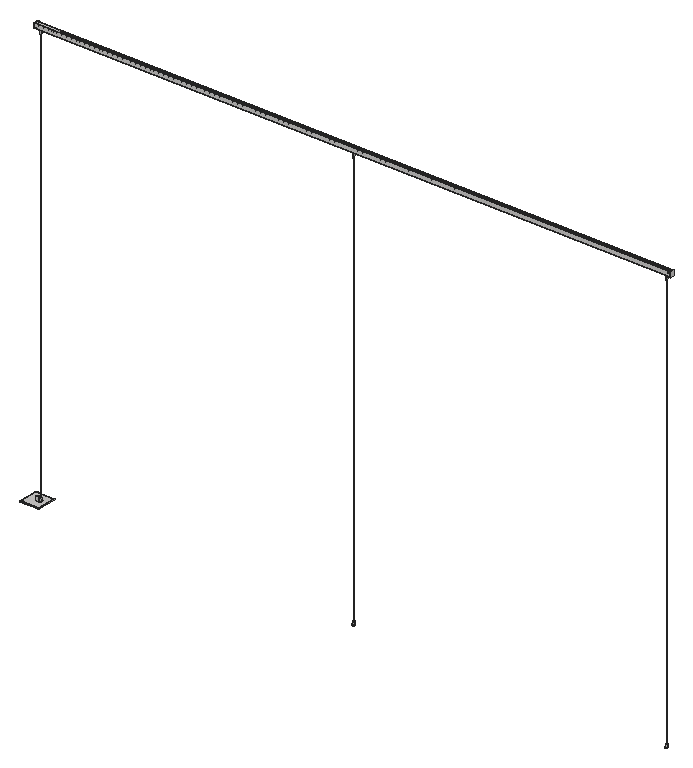
Revit family "cLighting - Luminii - Stenos - Suspended Track Master Assembly", category Lighting Fixtures, host Face, Revit 2020
Family settings
  Host = Face
  Round Connector Dimension = Use Diameter
  Part Type = Normal
  OmniClass Number = 23.80.70.11.14.21
  OmniClass Title = Spots and Tracklight Specialties
  Cut with Voids When Loaded = No
  Light Source = No
  Shared = Yes
  Room Calculation Point = No
Parameters (values of type "Stenos Suspended - 12'")
  Width = 0.94922"  # constant formula
  Wattage Comments = "96W max on track"  # constant formula
  Warranty URL = "https://www.luminii.com/terms-conditions/"
  Voltage Comments = "120-277VAC"  # constant formula
  Voltage = 120 V  # constant formula
  Version = "2020 - v1.0a"  # constant formula
  URL = "https://www.luminii.com/"
  Suspension Length [instance] = if(Desired Suspension Length < 5.00", 5.00", if(Desired Suspension Length > 96.00", 96.00", Desired Suspension Length))  # 96.00"
  Right Hanging Wire [instance] = yes
  Left Hanging Wire [instance] = yes
  Constraints = 3
  C Suspension Length [instance] = Suspension Length - 1.34375" - 0.48828"  # 94.16797"
  Support Phone = "224-699-9545"  # constant formula
  Support Email = "mailto:support@bimsmith.com"
  Right Power Module [instance] = no
  Right Cap [instance] = yes
  Product Page URL = "https://www.luminii.com/product/stenos-suspended-track/"
  Power Source Type = "Driver"  # constant formula
  Power Factor = 1
  Phase = 1
  Number of Poles = if(and(or(Voltage = 120 V, Voltage = 277 V), Phase = 1), 1, if(and(or(Voltage = 208 V, Voltage = 240 V), Phase = 1), 2, if(and(or(Voltage = 208 V, Voltage = 240 V), Phase = 3), 3, if(and(Voltage > 300 V, Phase = 1), 2, if(and(Voltage > 400 V, Phase = 3), 3, 1)))))  # 1
  Model = "STH"  # constant formula
  Manufacturer Phone Number = "403-216-7043"  # constant formula
  Manufacturer Email = "mailto: info@sensolighting.com"
  Manufacturer Address = "302 50 Ave SE. Calgary, Alberta, T2G 2A9 Canada"  # constant formula
  Manufacturer = "Luminii"  # constant formula
  Load Classification = Lighting
  Length = if(Constraints = 1, 48.00", if(Constraints = 2, 96.00", if(Constraints = 3, 144.00", 144.00")))  # 144.00"
  Left Power Module [instance] = yes
  Left Cap [instance] = yes
  Lamp = "N/A"  # constant formula
  Keynote = "26 50 00"
  C Right Hanging Wire PM [instance] = and(Right Hanging Wire, Right Power Module)  # no
  C Left Hanging Wire PM [instance] = and(Left Hanging Wire, Left Power Module)  # yes
  C Hanging Wire Side Offset = 1.125"  # constant formula
  Frequency Comments = ""  # constant formula
  Frequency = 60 Hz
  Finish = Metal - Luminii - Silver Anodized Aluminum
  Environment = "Indoor"  # constant formula
  Desired Suspension Length [instance] = 96.00"
  Description = "Suspended Trim Track System"  # constant formula
  Depth = 1.00"  # constant formula
  Default Elevation = 0.00"  # constant formula
  Current Amps = 50 A
  Copyright = "©2023 Luminii"  # constant formula
  built-in parameter 1114216 [instance] = 0  # (empty or 0)
  built-in parameter 1140040 [instance] = 1 = 1  # 1
  C Right Power Module Offset [instance] = 0.00"  # constant formula
  C Right Hanging Wire [instance] = and(Right Hanging Wire, not(Right Power Module))  # yes
  C Left Power Module Offset [instance] = 0.00"  # constant formula
  C Left Hanging Wire [instance] = and(Left Hanging Wire, not(Left Power Module))  # no
  C Hangin Wire Count [instance] = if(Constraints > 1, 3, 2)  # 3
  C Electrical Connection Offset [instance] = if(Left Power Module, 7.00" + 0.375", if(Right Power Module, 7.00" + Length - 0.375", (Length / 2) + 7.00"))  # 7.375"
  C Center Hanging Wire [instance] = Constraints > 1  # yes
  Assembly Comments [instance] = "Consult Manufacturer Website for more Information"  # constant formula
  Assembly Code = "D5020230"
  Apparent Load = 4 VA
Types (3): name | Constraints | Length | Current Amps | C Hangin Wire Count | C Center Hanging Wire
  Stenos Suspended - 4' | 1 | 48.00" | 4 A | 2 | no
  Stenos Suspended - 8' | 2 | 96.00" | 50 A | 3 | yes
  Stenos Suspended - 12' | 3 | 144.00" | 50 A | 3 | yes
Reference planes (in)
  plane 1 "Center (Front/Back)": y = 0
  plane 2: z = 0
  plane 3 "Center (Left/Right)": x = 0
  plane 4: x = -72
  plane 5: x = 72
  plane 6: y = 0.47461
  plane 7: y = -0.47461
  plane 8: z = 96
  plane 9: x = -70.875
  plane 10: x = 70.875
Forms (in)
  Extrusion 1, solid, material "Metal - Luminii - Silver Anodized Aluminum", not visible
    sketch origin (0, 0, 0) x (1, 0, 0) y (0, 1, 0)
      loop
        circle (0, 0) r 0.5
    from 0 to -0.17225
Dimensions and locks (in)
  equal spacing: plane 4, plane 3 "Center (Left/Right)", plane 5
  equal spacing: plane 6, plane 1 "Center (Front/Back)", plane 7
  "Length": plane 4 to plane 5
  locked: plane 6 to plane 7 at 0.94922
  "Suspension Length": plane 8 to plane 2
  plane 4 to nested 4 = 1.125"
  "C Hanging Wire Side Offset": plane 9 to plane 4
  "C Hanging Wire Side Offset": plane 5 to plane 10
  "C Left Power Module Offset": plane 4 to nested 2
  "C Right Power Module Offset": nested 3 to plane 5
  aligned and locked: plane 2 to host face
  aligned and locked: plane 3 "Center (Left/Right)" to Extrusion 1 sketch curve
  aligned and locked: plane 1 "Center (Front/Back)" to Extrusion 1 sketch curve
  aligned and locked: plane 2 to Extrusion 1  (x2)
  aligned and locked: nested 1 to plane 4
  aligned and locked: nested 1 to plane 1 "Center (Front/Back)"
  aligned and locked: nested 2 to plane 1 "Center (Front/Back)"
  aligned and locked: plane 1 "Center (Front/Back)" to nested 3
  aligned and locked: nested 4 to plane 1 "Center (Front/Back)"
  aligned and locked: plane 1 "Center (Front/Back)" to nested 5
  aligned and locked: plane 9 to nested 4
  aligned and locked: plane 1 "Center (Front/Back)" to nested 6
  aligned and locked: plane 10 to nested 5
  aligned and locked: plane 1 "Center (Front/Back)" to nested 7
  aligned and locked: plane 9 to nested 7
  aligned and locked: plane 3 "Center (Left/Right)" to nested 6
  aligned and locked: plane 10 to nested 8
Automatic sketch dimensions
  host sketch curve to host sketch curve = 96.00"  (x2)
  radius of Extrusion 1 sketch curve = 0.50"
Nested families (in)
  nested 1: "Nested - Track" at (0, 0, 96), type "Nested - Track"
    with Length 144.00"
  nested 2: "Nested - Stopper" at (-69.35827, 0, 96), visible <- "Left Power Module", type "Nested - Stopper"
  nested 3: "Nested - Stopper" at (69.35827, 0, 96), visible <- "Right Power Module", type "Nested - Stopper"
  nested 4: "Nested - Hanging Wire A" at (-70.875, 0, 0), visible <- "C Left Hanging Wire", type "Default"
    with Suspension Length 94.16797"
  nested 5: "Nested - Hanging Wire B" at (70.875, 0, 0), visible <- "C Right Hanging Wire PM", type "Default"
    with Suspension Length 94.16797"
  nested 6: "Nested - Hanging Wire A" at (0, 0, 0), visible <- "C Center Hanging Wire", type "Default"
    with Suspension Length 94.16797"
  nested 7: "Nested - Hanging Wire B" at (-70.875, 0, 0) x (-1, 0, 0) z (0, 0, 1), visible <- "C Left Hanging Wire PM", type "Default"
    with Suspension Length 94.16797"
  nested 8: "Nested - Hanging Wire A" at (70.875, 0, 0), visible <- "C Right Hanging Wire", type "Default"
    with Suspension Length 94.16797"
Connectors (in)
  electrical at (0, 0, 0), driven by "Number of Poles", driven by "Load Classification", driven by "Voltage", driven by "Apparent Load", driven by "Power Factor"
    settings: on Extrusion 1, index 1, voltage 120 V, apparent load 4 VA, apparent load phase1 0 VA, apparent load phase2 0 VA, apparent load phase3 0 VA, power factor 1, load classification "Lighting", number of poles 1, system type 30, power factor state 1, is connector primary yes, connector utility no, sub classification motor no, connector description "Power Connection"
Definition of nested family "Nested - Track"
  Parameters
    Right Cap = yes
    Length = 28.00"
    Left Cap = yes
    Finish = none
    Default Elevation = 48.00"
  Reference planes (in)
    plane 1 "Center (Front/Back)": y = 0
    plane 2: z = 0
    plane 3 "Center (Left/Right)": x = 0
    plane 4: x = -14
    plane 5: x = 14
    plane 6: x = 14.125
    plane 7: x = -14.125
  Forms (in)
    Extrusion 1, solid
      sketch origin (0, 0, 0) x (1, 0, 0) y (0, 1, 0)
        loop
          line (-48, 48) -> (-48, -48) -> (48, -48) -> (48, 48) -> (-48, 48)
      from 0 to -12
    Sweep 2, solid, material <- "Finish"
      path origin (0, 0, 0) x (1, 0, 0) y (0, 1, 0)
        loop
          line (-14, 0) -> (14, 0)
      profile origin (0, 0, 0) x (0, 1, 0) y (0, 0, 1)
        loop
          line (-0.39203, 1.077) -> (-0.4725, 1.077) -> (-0.4725, 0.03)
          arc (-0.4725, 0.03) -> (-0.46371, 0.00879) -> (-0.4425, 0) r 0.03
          line (-0.4425, 0) -> (-0.31126, 0) -> (-0.2925, 0.07) -> (-0.3925, 0.07) -> (-0.3925, 0.205) -> (0, 0.205) -> (0.3925, 0.205) -> (0.3925, 0.07) -> (0.2925, 0.07) -> (0.31126, 0) -> (0.4425, 0)
          arc (0.4425, 0) -> (0.46371, 0.00879) -> (0.4725, 0.03) r 0.03
          line (0.4725, 0.03) -> (0.4725, 1.077) -> (0.39203, 1.077) -> (0.34295, 0.992) -> (0.4195, 0.992) -> (0.4195, 0.892) -> (0.3545, 0.892)
          arc (0.3545, 0.892) -> (0.36437, 0.83561) -> (0.36402, 0.77837) r 0.31937
          arc (0.36402, 0.77837) -> (0.34633, 0.73661) -> (0.35495, 0.69208) r 0.07777
          arc (0.35495, 0.69208) -> (0.36308, 0.6413) -> (0.3385, 0.59613) r 0.07971
          line (0.3385, 0.59613) -> (0.3385, 0.524) -> (0.3935, 0.524) -> (0.3935, 0.414) -> (0, 0.414) -> (-0.3935, 0.414) -> (-0.3935, 0.524) -> (-0.3385, 0.524) -> (-0.3385, 0.59613)
          arc (-0.3385, 0.59613) -> (-0.36308, 0.6413) -> (-0.35495, 0.69208) r 0.07971
          arc (-0.35495, 0.69208) -> (-0.34633, 0.73661) -> (-0.36402, 0.77837) r 0.07777
          arc (-0.36402, 0.77837) -> (-0.36437, 0.83561) -> (-0.3545, 0.892) r 0.31937
          line (-0.3545, 0.892) -> (-0.4195, 0.892) -> (-0.4195, 0.992) -> (-0.34295, 0.992) -> (-0.39203, 1.077)
    Sweep 3, solid, material <- "Finish", visible <- "Left Cap"
      path origin (-28, 0, 0) x (-1, 0, 0) y (0, 1, 0)
        loop
          line (-14, 0) -> (-13.875, 0)
      profile origin (-14.0625, 0, 0) x (0, -1, 0) y (0, 0, 1)
        loop
          line (0.4725, 1.077) -> (-0.4725, 1.077) -> (-0.4725, 0.03)
          arc (-0.4725, 0.03) -> (-0.46371, 0.00879) -> (-0.4425, 0) r 0.03
          line (-0.4425, 0) -> (0.4425, 0)
          arc (0.4425, 0) -> (0.46371, 0.00879) -> (0.4725, 0.03) r 0.03
          line (0.4725, 0.03) -> (0.4725, 1.077)
    Sweep 4, solid, material <- "Finish", visible <- "Right Cap"
      path origin (28, 0, 0) x (1, 0, 0) y (0, 1, 0)
        loop
          line (-14, 0) -> (-13.875, 0)
      profile origin (14.0625, 0, 0) x (0, 1, 0) y (0, 0, 1)
        loop
          line (-0.4725, 1.077) -> (-0.4725, 0.03)
          arc (-0.4725, 0.03) -> (-0.46371, 0.00879) -> (-0.4425, 0) r 0.03
          line (-0.4425, 0) -> (0.4425, 0)
          arc (0.4425, 0) -> (0.46371, 0.00879) -> (0.4725, 0.03) r 0.03
          line (0.4725, 0.03) -> (0.4725, 1.077) -> (-0.4725, 1.077)
  Dimensions and locks (in)
    equal spacing: plane 4, plane 3 "Center (Left/Right)", plane 5
    "Length": plane 4 to plane 5
    locked: plane 7 to plane 4 at 0.125
    locked: plane 5 to plane 6 at 0.125
    aligned and locked: plane 2 to Extrusion 1
    aligned and locked: level to Extrusion 1
    aligned and locked: plane 4 to Sweep 2 sketch curve
    aligned and locked: plane 1 "Center (Front/Back)" to Sweep 2 sketch curve
    aligned and locked: plane 5 to Sweep 2 sketch curve
    aligned and locked: plane 4 to Sweep 3 sketch curve
    aligned and locked: Sweep 3 sketch curve to plane 1 "Center (Front/Back)"
    aligned and locked: plane 7 to Sweep 3 sketch curve
    aligned and locked: plane 1 "Center (Front/Back)" to Sweep 4 sketch curve
    aligned and locked: plane 6 to Sweep 4 sketch curve
    aligned and locked: plane 5 to Sweep 4 sketch curve
  Automatic sketch dimensions
    Extrusion 1 sketch curve to Extrusion 1 sketch curve = 96.00"  (x2)
    Sweep 2 sketch curve to level = 0.00"  (x2)
    Sweep 2 sketch curve to profile plane = 0.00"  (x2)
    profile plane to Sweep 2 sketch curve = 0.04612"
    Sweep 2 sketch curve to Sweep 2 sketch curve = 0.2384"  (x2)
    level to Sweep 2 sketch curve = 0.07"  (x2)
    profile plane to Sweep 2 sketch curve = 0.2925"
    Sweep 2 sketch curve to Sweep 2 sketch curve = 0.01876"  (x2)
    Sweep 2 sketch curve to Sweep 2 sketch curve = 0.05398"  (x2)
    Sweep 2 sketch curve to Sweep 2 sketch curve = 0.05844"  (x2)
    Sweep 2 sketch curve to Sweep 2 sketch curve = 0.01155"  (x2)
    Sweep 2 sketch curve to Sweep 2 sketch curve = 0.04907"  (x2)
    Sweep 2 sketch curve to Sweep 2 sketch curve = 0.10"  (x4)
    Sweep 2 sketch curve to Sweep 2 sketch curve = 0.055"  (x2)
    Sweep 2 sketch curve to Sweep 2 sketch curve = 0.065"
    Sweep 2 sketch curve to Sweep 2 sketch curve = 0.08517"  (x2)
    Sweep 2 sketch curve to Sweep 2 sketch curve = 0.05"  (x2)
    Sweep 2 sketch curve to Sweep 2 sketch curve = 0.08047"
    Sweep 2 sketch curve to profile plane = 0.04612"
    Sweep 2 sketch curve to profile plane = 0.2925"
    Sweep 2 sketch curve to Sweep 2 sketch curve = 0.07655"
    level to Sweep 2 sketch curve = 0.03"
    level to Sweep 2 sketch curve = 0.205"
    Sweep 2 sketch curve to Sweep 2 sketch curve = 0.209"
    Sweep 2 sketch curve to Sweep 2 sketch curve = 0.11"  (x2)
    Sweep 2 sketch curve to Sweep 2 sketch curve = 0.07213"  (x2)
    Sweep 2 sketch curve to Sweep 2 sketch curve = 0.05864"  (x2)
    Sweep 2 sketch curve to Sweep 2 sketch curve = 0.13235"  (x2)
    Sweep 2 sketch curve to Sweep 2 sketch curve = 0.15418"
    Sweep 2 sketch curve to Sweep 2 sketch curve = 0.00"  (x3)
    Sweep 2 sketch curve to Sweep 2 sketch curve = 0.16352"  (x2)
    Sweep 2 sketch curve to Sweep 2 sketch curve = 0.085"  (x2)
    Sweep 3 sketch curve to level = 0.00"
    profile plane to Sweep 3 sketch curve = 0.4725"
    Sweep 3 sketch curve to Sweep 3 sketch curve = 0.03"  (x2)
    Sweep 3 sketch curve to profile plane = 0.4425"
    Sweep 3 sketch curve to Sweep 3 sketch curve = 1.047"
    Sweep 4 sketch curve to level = 0.00"
    profile plane to Sweep 4 sketch curve = 0.4725"
    Sweep 4 sketch curve to Sweep 4 sketch curve = 0.03"
    level to Sweep 4 sketch curve = 0.03"
    Sweep 4 sketch curve to profile plane = 0.4425"
    Sweep 4 sketch curve to Sweep 4 sketch curve = 1.047"
Definition of nested family "Nested - Stopper"
  Parameters (values of type "Nested - Stopper")
    Length = 5.28346"
    Finish = none
    Default Elevation = 48.00"
  Reference planes (in)
    plane 1 "Center (Front/Back)": y = 0
    plane 2: z = 0
    plane 3 "Center (Left/Right)": x = 0
    plane 4: x = -2.64173
    plane 5: x = 2.64173
  Forms (in)
    Extrusion 1, solid
      sketch origin (0, 0, 0) x (1, 0, 0) y (0, 1, 0)
        loop
          line (-48, 48) -> (-48, -48) -> (48, -48) -> (48, 48) -> (-48, 48)
      from 0 to -12
    Sweep 2, solid, material <- "Finish"
      path origin (0, 0, 0) x (1, 0, 0) y (0, 1, 0)
        loop
          line (-2.64173, 0) -> (2.64173, 0)
      profile origin (0, 0, 0) x (0, 1, 0) y (0, 0, 1)
        loop
          line (0.35827, 1.07345) -> (-0.35827, 1.07345) -> (-0.35827, 1.03408) -> (-0.33522, 1.01103) -> (-0.3248, 0.414) -> (0.3248, 0.414) -> (0.33522, 1.01103) -> (0.35827, 1.03408) -> (0.35827, 1.07345)
  Dimensions and locks (in)
    equal spacing: plane 4, plane 3 "Center (Left/Right)", plane 5
    "Length": plane 4 to plane 5
    aligned and locked: plane 2 to Extrusion 1
    aligned and locked: level to Extrusion 1
    aligned and locked: plane 5 to Sweep 2 sketch curve
    aligned and locked: plane 4 to Sweep 2 sketch curve
    aligned and locked: plane 1 "Center (Front/Back)" to Sweep 2 sketch curve
  Automatic sketch dimensions
    Extrusion 1 sketch curve to Extrusion 1 sketch curve = 96.00"  (x2)
    profile plane to Sweep 2 sketch curve = 0.35827"
    profile plane to Sweep 2 sketch curve = 0.3248"
    Sweep 2 sketch curve to profile plane = 0.3248"
    Sweep 2 sketch curve to profile plane = 0.33522"
    Sweep 2 sketch curve to Sweep 2 sketch curve = 0.02305"  (x4)
    level to Sweep 2 sketch curve = 0.414"
    Sweep 2 sketch curve to Sweep 2 sketch curve = 0.59703"
    Sweep 2 sketch curve to Sweep 2 sketch curve = 0.62008"
    Sweep 2 sketch curve to Sweep 2 sketch curve = 0.03937"
Definition of nested family "Nested - Hanging Wire A"
  Parameters (values of type "Default")
    Suspension Length = 96.00"
    Finish = none
    Default Elevation = 48.00"
  Reference planes (in)
    plane 1 "Center (Front/Back)": y = 0
    plane 2: z = 0
    plane 3 "Center (Left/Right)": x = 0
    plane 4: x = 0.02471
  Forms (in)
    Extrusion 1, solid
      sketch origin (0, 0, 0) x (1, 0, 0) y (0, 1, 0)
        loop
          line (-48, 48) -> (-48, -48) -> (48, -48) -> (48, 48) -> (-48, 48)
      from 0 to -12
    Revolve 2, solid, material <- "Finish"
      sketch origin (0, 0, 0) x (1, 0, 0) y (0, 0, 1)
        loop
          line (0, 0) -> (0, 0.6855) -> (-0.19748, 0.6855) -> (-0.19748, 0.058) -> (-0.31506, 0.058) -> (-0.31506, 0) -> (0, 0)
        axis (0, 0.6855) -> (0, 0)
      angle from 0 to 360
    Revolve 3, solid, material <- "Finish"
      sketch origin (0, 0, 0) x (1, 0, 0) y (0, 0, 1)
        loop
          line (-0.1755, 96.92187) -> (-0.0755, 96.92187) -> (-0.0755, 96.6855) -> (0, 96.6855) -> (0, 97.87187) -> (-0.1755, 97.87187) -> (-0.1755, 96.92187)
        axis (0, 97.87187) -> (0, 96.6855)
      angle from 0 to 360
    Extrusion 4, solid, material <- "Finish"
      sketch origin (0, 0, 0) x (0, 1, 0) y (0, 0, 1)
        loop
          line (0.275, 97.87077) -> (0.275, 97.90187) -> (0.3825, 97.90187) -> (0.3825, 98.02687) -> (-0.3825, 98.02687) -> (-0.3825, 97.90187) -> (-0.275, 97.90187) -> (-0.275, 97.87077) -> (0.275, 97.87077)
      from -0.5 to 0.5
    Extrusion 5, solid, material <- "Finish"
      sketch origin (0, 0, 0) x (1, 0, 0) y (0, 1, 0)
        loop
          circle (0, 0) r 0.03074
      from 0.6855 to 96.6855
  Lines and regions (in)
    reference lines
      curve 1: line (-0.41488, 0, 0.6855) -> (0.54788, 0, 0.6855)
      curve 2: line (-6.46648, 0, 96.6855) -> (8.03352, 0, 96.6855)
      curve 3: line (0, 2.19112, 96.6855) -> (0, -1.97218, 96.6855)
      curve 4: line (0, -1.63838, 0.6855) -> (0, 1.61162, 0.6855)
  Dimensions and locks (in)
    locked: curve 1 to level at 0.6855
    "Suspension Length": curve 2 to curve 1
    Revolve 3 sketch curve to Revolve 3 sketch curve to curve 2 = 0.95" locked, 0.23636" locked
    locked: curve 4 to Extrusion 1 at 0.6855
    "Suspension Length": curve 3 to curve 4
    curve 3 to Extrusion 4 sketch curve to Extrusion 4 sketch curve to Extrusion 4 sketch curve = 1.18527" locked, 0.03109" locked, 0.125" locked
    aligned and locked: plane 2 to Extrusion 1
    aligned and locked: level to Extrusion 1
    aligned and locked: Revolve 3 sketch curve to curve 2
    aligned and locked: curve 1 to Extrusion 5
    aligned and locked: Extrusion 5 to curve 2
    aligned and locked: Extrusion 4 sketch curve to Extrusion 4 sketch curve
  Automatic sketch dimensions
    Extrusion 1 sketch curve to Extrusion 1 sketch curve = 96.00"  (x2)
    Revolve 2 sketch curve to level = 0.00"
    Revolve 2 sketch curve to plane 3 "Center (Left/Right)" = 0.00"  (x2)
    Revolve 2 sketch curve to Revolve 2 sketch curve = 0.19748"
    level to Revolve 2 sketch curve = 0.058"
    Revolve 2 sketch curve to Revolve 2 sketch curve = 0.11758"
    Revolve 2 sketch curve to Revolve 2 sketch curve = 0.62751"
    Revolve 2 sketch curve to level = 24.00"
    Revolve 2 sketch curve to Revolve 2 sketch curve = 102.03332"
    Revolve 3 sketch curve to plane 3 "Center (Left/Right)" = 0.00"  (x2)
    Revolve 3 sketch curve to Revolve 3 sketch curve = 0.0755"
    Revolve 3 sketch curve to Revolve 3 sketch curve = 0.10"
    Revolve 3 sketch curve to Revolve 3 sketch curve = 0.24119"
    Revolve 3 sketch curve to Revolve 3 sketch curve = 0.04"
    plane 1 "Center (Front/Back)" to Extrusion 4 sketch curve = 0.3825"
    Extrusion 4 sketch curve to Extrusion 4 sketch curve = 0.1075"  (x2)
    Extrusion 4 sketch curve to plane 1 "Center (Front/Back)" = 0.275"
    plane 1 "Center (Front/Back)" to Extrusion 5 sketch curve = 0.00"
    Extrusion 5 sketch curve to plane 3 "Center (Left/Right)" = 0.00"
    curve 2 to plane 3 "Center (Left/Right)" = 6.46648"
    curve 1 to plane 3 "Center (Left/Right)" = 0.41488"
    plane 4 to curve 1 = 0.52316"
    plane 4 to curve 2 = 8.00881"
    plane 1 "Center (Front/Back)" to curve 3 = 1.97218"
    plane 1 "Center (Front/Back)" to curve 4 = 1.63838"
    curve 4 to plane 1 "Center (Front/Back)" = 1.61162"
    curve 3 to plane 1 "Center (Front/Back)" = 2.19112"
    radius of Extrusion 5 sketch curve = 0.03074"
Definition of nested family "Nested - Hanging Wire B"
  Parameters (values of type "Default")
    Suspension Length = 11.1475"
    Finish = none
    Default Elevation = 48.00"
  Reference planes (in)
    plane 1 "Center (Front/Back)": y = 0
    plane 2: z = 0
    plane 3 "Center (Left/Right)": x = 0
    plane 4: x = 0.02471
  Forms (in)
    Extrusion 1, solid
      sketch origin (0, 0, 0) x (1, 0, 0) y (0, 1, 0)
        loop
          line (-48, 48) -> (-48, -48) -> (48, -48) -> (48, 48) -> (-48, 48)
      from 0 to -12
    Revolve 2, solid, material <- "Finish"
      sketch origin (0, 0, 0) x (1, 0, 0) y (0, 0, 1)
        loop
          line (0, 0.2) -> (0, 0.8275) -> (-0.19748, 0.8275) -> (-0.19748, 0.258) -> (-0.31506, 0.258) -> (-0.31506, 0.2) -> (0, 0.2)
        axis (0, 0.8275) -> (0, 0.2)
      angle from 0 to 360
    Revolve 3, solid, material <- "Finish"
      sketch origin (0, 0, 0) x (1, 0, 0) y (0, 0, 1)
        loop
          line (-0.1755, 12.07) -> (-0.0755, 12.07) -> (-0.0755, 11.975) -> (0, 11.975) -> (0, 13.01891) -> (-0.1755, 13.01891) -> (-0.1755, 12.07)
        axis (0, 13.01891) -> (0, 11.975)
      angle from 0 to 360
    Extrusion 4, solid, material <- "Finish"
      sketch origin (0, 0, 0) x (0, 1, 0) y (0, 0, 1)
        loop
          line (0.275, 13.01891) -> (0.275, 13.05) -> (0.3825, 13.05) -> (0.3825, 13.175) -> (-0.3825, 13.175) -> (-0.3825, 13.05) -> (-0.275, 13.05) -> (-0.275, 13.01891) -> (0.275, 13.01891)
      from -0.5 to 0.5
    Extrusion 5, solid, material <- "Finish"
      sketch origin (0, 0, 0) x (1, 0, 0) y (0, 1, 0)
        loop
          circle (0, 0) r 0.03074
      from 0.8275 to 11.975
    Sweep 6, solid, material <- "Finish", detail levels fine
      path origin (0, 0, 0) x (1, 0, 0) y (0, 1, 0)
        loop
          line (-1.425, -2.175) -> (2.925, -2.175) -> (2.925, 2.175) -> (-1.425, 2.175) -> (-1.425, -2.175)
      profile origin (-1.425, 0, 0) x (-1, 0, 0) y (0, 0, 1)
        loop
          line (-0.0641, 0.1359) -> (-0.0641, 0) -> (0, 0) -> (0, 0.1109)
          arc (0, 0.1109) -> (-0.0261, 0.1739) -> (-0.0891, 0.2) r 0.0891
          line (-0.0891, 0.2) -> (-0.15251, 0.2) -> (-0.15251, 0.1359) -> (-0.0641, 0.1359)
    Revolve 7, solid, material <- "Finish", detail levels fine
      sketch origin (0, 0, 0) x (1, 0, 0) y (0, 0, 1)
        loop
          line (1.005, 0.87) -> (0.8967, 0.87) -> (0.8967, 0.2) -> (1.005, 0.2) -> (1.005, 0.87)
        axis (0.75, 0.2) -> (0.75, 0.87)
      angle from 0 to 360
    Extrusion 8, solid, material <- "Finish", detail levels fine
      sketch origin (1.04622, 0, 0.6825) x (0, 1, 0) y (0, 0, 1)
        loop
          circle (0, 0) r 0.11922
        loop
          line (-0.075, 0.026) -> (-0.075, -0.026) -> (0.075, -0.026) -> (0.075, 0.026) -> (-0.075, 0.026)
      from -0.08827 to 0
    Extrusion 9, solid, material <- "Finish", detail levels fine
      sketch origin (0, 0, 0) x (1, 0, 0) y (0, 1, 0)
        loop
          line (-1.27249, -2.02249) -> (2.77249, -2.02249) -> (2.77249, 2.02249) -> (-1.27249, 2.02249) -> (-1.27249, -2.02249)
      from 0.1359 to 0.2
    Extrusion 10, solid, material <- "Finish", detail levels coarse
      sketch origin (0, 0, 0) x (1, 0, 0) y (0, 1, 0)
        loop
          line (2.92619, -2.17622) -> (2.92619, 2.175) -> (-1.425, 2.175) -> (-1.425, -2.17622) -> (2.92619, -2.17622)
      from 0 to 0.2
  Cuts and joins
    joined: Sweep 6, Extrusion 9
    joined: Revolve 7, Extrusion 8
  Lines and regions (in)
    reference lines
      curve 1: line (-0.41488, 0, 0.8275) -> (0.54788, 0, 0.8275)
      curve 2: line (-6.46648, 0, 11.975) -> (8.03352, 0, 11.975)
      curve 3: line (0, 2.19112, 11.833) -> (0, -1.97218, 11.833)
      curve 4: line (0, -1.63838, 0.6855) -> (0, 1.61162, 0.6855)
  Dimensions and locks (in)
    "Suspension Length": curve 2 to curve 1
    "Suspension Length": curve 3 to curve 4
    curve 3 to Extrusion 4 sketch curve to Extrusion 4 sketch curve to Extrusion 4 sketch curve = 1.18591" locked, 0.03109" locked, 0.125" locked
    aligned and locked: plane 2 to Extrusion 1
    aligned and locked: level to Extrusion 1
    aligned and locked: Revolve 3 sketch curve to curve 2
    aligned and locked: curve 1 to Extrusion 5
    aligned and locked: Extrusion 5 to curve 2
    aligned and locked: Extrusion 4 sketch curve to Extrusion 4 sketch curve
  Automatic sketch dimensions
    Extrusion 1 sketch curve to Extrusion 1 sketch curve = 96.00"  (x2)
    Revolve 3 sketch curve to plane 3 "Center (Left/Right)" = 0.00"  (x2)
    Revolve 3 sketch curve to Revolve 3 sketch curve = 0.0755"
    Revolve 3 sketch curve to Revolve 3 sketch curve = 0.10"
    Revolve 3 sketch curve to Revolve 3 sketch curve = 0.24119"
    Revolve 3 sketch curve to Revolve 3 sketch curve = 0.10245"
    plane 1 "Center (Front/Back)" to Extrusion 4 sketch curve = 0.3825"
    Extrusion 4 sketch curve to Extrusion 4 sketch curve = 0.1075"  (x2)
    Extrusion 4 sketch curve to plane 1 "Center (Front/Back)" = 0.275"
    plane 1 "Center (Front/Back)" to Extrusion 5 sketch curve = 0.00"
    Extrusion 5 sketch curve to plane 3 "Center (Left/Right)" = 0.00"
    Revolve 2 sketch curve to plane 3 "Center (Left/Right)" = 0.00"  (x2)
    Revolve 2 sketch curve to Revolve 2 sketch curve = 0.19748"
    Revolve 2 sketch curve to Revolve 2 sketch curve = 0.11758"
    level to Revolve 2 sketch curve = 0.20"
    Revolve 2 sketch curve to Revolve 2 sketch curve = 0.058"
    Revolve 2 sketch curve to Revolve 2 sketch curve = 0.5695"
    Revolve 2 sketch curve to level = 24.00"
    Revolve 2 sketch curve to Revolve 2 sketch curve = 101.89132"
    Sweep 6 sketch curve to plane 3 "Center (Left/Right)" = 1.425"
    plane 1 "Center (Front/Back)" to Sweep 6 sketch curve = 2.175"
    plane 4 to Sweep 6 sketch curve = 2.90029"
    Sweep 6 sketch curve to plane 1 "Center (Front/Back)" = 2.175"
    Sweep 6 sketch curve to level = 0.00"
    Sweep 6 sketch curve to profile plane = 0.00"
    profile plane to Sweep 6 sketch curve = 0.0641"
    Sweep 6 sketch curve to Sweep 6 sketch curve = 0.025"
    Sweep 6 sketch curve to Sweep 6 sketch curve = 0.06341"
    level to Sweep 6 sketch curve = 0.1109"
    Sweep 6 sketch curve to Sweep 6 sketch curve = 0.0641"
    Revolve 3 sketch curve to Revolve 3 sketch curve = 0.095"
    Revolve 3 sketch curve to Revolve 3 sketch curve = 0.94891"
    plane 4 to Revolve 7 sketch curve = 0.87198"
    Revolve 7 sketch curve to Revolve 7 sketch curve = 0.1083"
    level to Revolve 7 sketch curve = 0.20"
    Revolve 7 sketch curve to Revolve 7 sketch curve = 0.67"
    Revolve 7 sketch curve to Revolve 7 sketch curve = 0.1467"
    Revolve 7 sketch curve to Revolve 7 sketch curve = 0.00"
    Revolve 7 sketch curve to Revolve 7 sketch curve = 0.15134"
    Extrusion 8 sketch curve to plane 1 "Center (Front/Back)" = 0.00"
    plane 1 "Center (Front/Back)" to Extrusion 8 sketch curve = 0.075"
    Extrusion 8 sketch curve to plane 1 "Center (Front/Back)" = 0.075"
    level to Extrusion 8 sketch curve = 0.6565"
    Extrusion 8 sketch curve to Extrusion 8 sketch curve = 0.026"
    Extrusion 8 sketch curve to Extrusion 8 sketch curve = 0.052"
    Extrusion 9 sketch curve to plane 3 "Center (Left/Right)" = 1.27249"
    plane 4 to Extrusion 9 sketch curve = 2.74778"
    plane 1 "Center (Front/Back)" to Extrusion 9 sketch curve = 2.02249"
    Extrusion 9 sketch curve to plane 1 "Center (Front/Back)" = 2.02249"
    Extrusion 10 sketch curve to plane 3 "Center (Left/Right)" = 1.425"
    plane 4 to Extrusion 10 sketch curve = 2.90147"
    plane 1 "Center (Front/Back)" to Extrusion 10 sketch curve = 2.17622"
    Extrusion 10 sketch curve to plane 1 "Center (Front/Back)" = 2.175"
    curve 2 to plane 3 "Center (Left/Right)" = 6.46648"
    level to curve 1 = 0.8275"
    curve 1 to plane 3 "Center (Left/Right)" = 0.41488"
    plane 4 to curve 1 = 0.52316"
    plane 4 to curve 2 = 8.00881"
    plane 1 "Center (Front/Back)" to curve 3 = 1.97218"
    level to curve 4 = 0.6855"
    plane 1 "Center (Front/Back)" to curve 4 = 1.63838"
    curve 4 to plane 1 "Center (Front/Back)" = 1.61162"
    curve 3 to plane 1 "Center (Front/Back)" = 2.19112"
    radius of Extrusion 5 sketch curve = 0.03074"
    radius of Extrusion 8 sketch curve = 0.11922"
